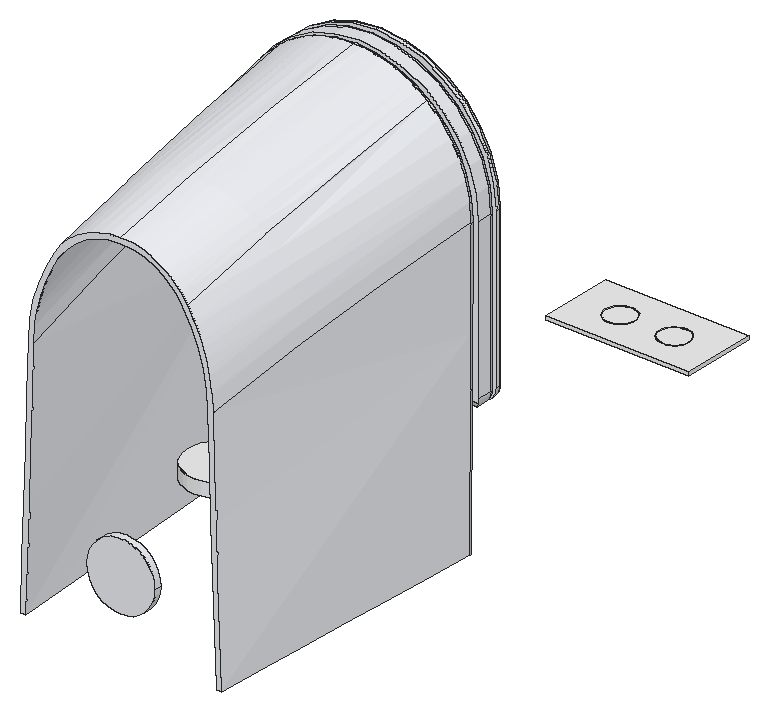
Revit family "Caroma Liano EH CF Invisi Suite", category Plumbing Fixtures, host Face, Revit 2016
Family settings
  Host = Face
  Part Type = Normal
  Round Connector Dimension = Use Diameter
  OmniClass Number = 23.45.05.21.11.11
  OmniClass Title = Water Operated Water Closets
  Cut with Voids When Loaded = Yes
  Shared = No
  Room Calculation Point = No
Parameters (values of type "Liano")
  Waste Connection = yes
  WFU = 3
  WELSRating_ANZRS = "4"
  Material_ANZRS = Porcelain-White-Caroma
  Keynote = "WC"
  Hardware = Metal-Chrome-Caroma
  Vent Connection = no
  URL = "www.caroma.com.au"
  Type Comments = "Liano Easy Height Cleanflush Toilet Suite with Back Inlet Pan, Internal Overflow Cistern and Seat"  # constant formula
  Model = "766350W"
  Manufacturer = "Caroma"  # constant formula
  HW Connection = no
  Description = "Liano Easy Height Vitreous China Wall Faced Pan and Invisi II Smartflush Cistern"  # constant formula
  Default Elevation = 0 mm
  CreatedBy_ANZRS = "Design Content"  # constant formula
  CreatedByURL_ANZRS = "www.designcontent.com.au"
  CWFU = 2
  CW Connection = yes
  Assembly Code = "D2010110"
Reference planes
  plane 1 "Center (Elevation)": y = 0
  plane 2 "Back": z = 0
  plane 3 "Center (Left/Right)": x = 0
  plane 4 "Left": x = -177.5
  plane 5 "Right": x = 177.5
  plane 6 "Top": y = 512.5
  plane 7 "Bottom": y = -512.5
  plane 8: y = 402.5
  plane 9: x = -105
  plane 10: x = 105
  plane 11: y = 457.5
  plane 12: y = -327.5
  plane 13: z = -90
  plane 14 "Seat": y = -77.5
  plane 15: z = 100
  plane 16 "Front": z = 616.577
  plane 17: y = -118.5
  plane 18: z = 150
Forms (mm)
  Extrusion 1, solid, material "Metal-Chrome-Caroma" <- "Hardware", detail levels medium+fine
    sketch origin (0, 0, 0) x (1, 0, 0) y (0, 1, 0)
      loop
        line (-105, 512.5) -> (-105, 402.5) -> (105, 402.5) -> (105, 512.5) -> (-105, 512.5)
      loop
        circle (-40, 457.5) r 22.5
      loop
        circle (40, 457.5) r 22.5
    from 0 to 5
  Extrusion 2, solid, material "Metal-Chrome-Caroma" <- "Hardware", detail levels medium+fine
    sketch origin (0, 106.904, 0) x (1, 0, 0) y (0, 1, 0)
      loop
        circle (-40, 350.596) r 21
      loop
        circle (40, 350.596) r 21
    from 0 to 5
  Extrusion 3, void
    sketch origin (0, 24, 0) x (1, 0, 0) y (0, 1, 0)
      loop
        circle (0, -142.5) r 25
    from -90 to 0
  Extrusion 4, solid, material "Metal-Chrome-Caroma" <- "Hardware"
    sketch origin (0, 0, 0) x (1, 0, 0) y (0, 1, 0)
      loop
        circle (0, -327.5) r 50
    from 150 to 170
  Extrusion 5, solid, material "Metal-Chrome-Caroma" <- "Hardware"
    sketch origin (-285, 24, 0) x (1, 0, 0) y (0, 1, 0)
      loop
        circle (285, -142.5) r 20
    from 0 to 20
  Extrusion 6, solid, material "Porcelain-White-Caroma"
    sketch origin (0, -512.5, 0) x (-1, 0, 0) y (0, 0, -1)
      loop
        circle (0, -100) r 50
    from 0 to -10
  Extrusion 7, void
    sketch origin (0, -512.5, 0) x (-1, 0, 0) y (0, 0, -1)
      loop
        circle (0, -100) r 50
    from 0 to 200
  SweptBlend 8, solid, material "Porcelain-White-Caroma" <- "Material_ANZRS"
    path origin (0, 0, 0) x (0, 1, 0) y (0, 0, 1)
      loop
        arc (-82.146, 615.501) -> (-382.421, 574.644) -> (-678.955, 512.179) r 4187.755
    profile origin (0, -82.146, 615.501) x (0, 0.098884, -0.995099) y (1, 0, 0)
      loop
        line (643.26, -174.867) -> (643.26, -166.867) -> (174.51, -166.867)
        arc (174.51, -166.867) -> (101.607, -150.1) -> (43.356, -103.167) r 166.867
        arc (43.356, -103.167) -> (16.823, -54.587) -> (7.642, 0) r 166.867
        arc (7.642, 0) -> (16.823, 54.587) -> (43.356, 103.167) r 166.867
        arc (43.356, 103.167) -> (101.607, 150.1) -> (174.51, 166.867) r 166.867
        line (174.51, 166.867) -> (643.26, 166.867) -> (643.26, 174.867) -> (174.51, 174.867)
        arc (174.51, 174.867) -> (98.112, 157.296) -> (37.068, 108.113) r 174.867
        arc (37.068, 108.113) -> (9.263, 57.204) -> (-0.358, 0) r 174.867
        arc (-0.358, 0) -> (9.263, -57.204) -> (37.068, -108.113) r 174.867
        arc (37.068, -108.113) -> (98.112, -157.296) -> (174.51, -174.867) r 174.867
        line (174.51, -174.867) -> (643.26, -174.867)
    end profile origin (0, -678.955, 512.179) x (0, 0.241397, -0.970426) y (1, 0, 0)
      loop
        line (543.763, -147.349) -> (544.237, -139.364) -> (184.383, -117.999)
        arc (184.383, -117.999) -> (123.846, -108.428) -> (66.311, -87.31) r 314.825
        arc (66.311, -87.31) -> (26.324, -51.55) -> (11.479, 0) r 96.929
        arc (11.479, 0) -> (26.324, 51.55) -> (66.311, 87.31) r 96.929
        arc (66.311, 87.31) -> (123.846, 108.428) -> (184.383, 117.999) r 314.825
        line (184.383, 117.999) -> (544.237, 139.364) -> (543.763, 147.349) -> (183.909, 125.985)
        arc (183.909, 125.985) -> (121.834, 116.171) -> (62.837, 94.516) r 322.825
        arc (62.837, 94.516) -> (19.549, 55.805) -> (3.479, 0) r 104.929
        arc (3.479, 0) -> (19.549, -55.805) -> (62.837, -94.516) r 104.929
        arc (62.837, -94.516) -> (121.834, -116.171) -> (183.909, -125.985) r 322.825
        line (183.909, -125.985) -> (543.763, -147.349)
  Extrusion 9, void
    sketch origin (0, 0, 0) x (0, 1, 0) y (0, 0, 1)
      loop
        line (-512.5, 616.577) -> (-737.5, 616.577) -> (-737.5, -90) -> (102.5, -90) -> (102.5, 660) -> (-83.5, 660) -> (-83.5, 0) -> (-512.5, 0) -> (-512.5, 616.577)
    from -250 to 250
  Sweep 10, solid, material "Porcelain-White-Caroma" <- "Material_ANZRS"
    path origin (0, -77.5, 0) x (-1, 0, 0) y (0, 0, 1)
      loop
        arc (-173.255, 439.649) -> (-157.693, 513.735) -> (-112.318, 574.333) r 175.136
        arc (-112.318, 574.333) -> (-59.858, 605.064) -> (0, 615.712) r 172.718
        arc (0, 615.712) -> (59.858, 605.064) -> (112.318, 574.333) r 172.718
        arc (112.318, 574.333) -> (157.693, 513.735) -> (173.255, 439.649) r 175.136
    profile origin (0, -77.5, 615.712) x (-0.000867, 0, 1) y (0, 1, 0)
      loop
        arc (0.005, -6) -> (-1.752, -1.757) -> (-5.995, 0) r 6
        line (-5.995, 0) -> (-9.995, 0) -> (-9.995, -6) -> (0.005, -6)
  Sweep 11, solid, material "Porcelain-White-Caroma" <- "Material_ANZRS"
    path origin (0, -77.5, 0) x (-1, 0, 0) y (0, 0, 1)
      loop
        spline (-171.45, 0) -> (-171.488, 36.624) -> (-171.548, 73.256) -> (-171.631, 109.893) -> (-171.736, 146.533) -> (-171.863, 183.173) -> (-172.011, 219.812) -> (-172.178, 256.452) -> (-172.365, 293.092) -> (-172.57, 329.731) -> (-172.793, 366.371) -> (-173.033, 403.01) -> (-173.291, 439.649)
    profile origin (173.291, -77.5, 439.649) x (0.999974, 0, -0.007262) y (0, 1, 0)
      loop
        arc (0.005, -6) -> (-1.752, -1.757) -> (-5.995, 0) r 6
        line (-5.995, 0) -> (-9.995, 0) -> (-9.995, -6) -> (0.005, -6)
  Sweep 12, solid, material "Porcelain-White-Caroma" <- "Material_ANZRS"
    path origin (0, -77.5, 0) x (1, 0, 0) y (0, 0, 1)
      loop
        spline (-171.45, 0) -> (-171.488, 36.624) -> (-171.548, 73.256) -> (-171.631, 109.893) -> (-171.736, 146.533) -> (-171.863, 183.173) -> (-172.011, 219.812) -> (-172.178, 256.452) -> (-172.365, 293.092) -> (-172.57, 329.731) -> (-172.793, 366.371) -> (-173.033, 403.01) -> (-173.291, 439.649)
    profile origin (-173.291, -77.5, 439.649) x (0.999974, 0, 0.007262) y (0, 1, 0)
      loop
        line (-0.005, -6) -> (9.995, -6) -> (9.995, 0) -> (5.995, 0)
        arc (5.995, 0) -> (1.752, -1.757) -> (-0.005, -6) r 6
  Extrusion 13, solid, material "Porcelain-White-Caroma" <- "Material_ANZRS"
    sketch origin (0, -77.5, 0) x (-1, 0, 0) y (0, 0, 1)
      loop
        spline (-163.26, 439.757) -> (-163.006, 403.111) -> (-162.768, 366.464) -> (-162.548, 329.818) -> (-162.346, 293.171) -> (-162.162, 256.523) -> (-161.998, 219.873) -> (-161.854, 183.223) -> (-161.73, 146.573) -> (-161.628, 109.925) -> (-161.548, 73.28) -> (-161.49, 36.64) -> (-161.456, 0.007)
        line (-161.456, 0.007) -> (161.456, 0.007)
        spline (161.456, 0.007) -> (161.49, 36.64) -> (161.548, 73.28) -> (161.628, 109.925) -> (161.73, 146.573) -> (161.854, 183.223) -> (161.998, 219.873) -> (162.162, 256.523) -> (162.346, 293.171) -> (162.548, 329.818) -> (162.768, 366.464) -> (163.006, 403.111) -> (163.26, 439.757)
        arc (163.26, 439.757) -> (148.59, 509.608) -> (105.814, 566.744) r 165.141
        arc (105.814, 566.744) -> (56.391, 595.69) -> (0, 605.718) r 162.723
        arc (0, 605.718) -> (-56.391, 595.689) -> (-105.814, 566.744) r 162.723
        arc (-105.814, 566.744) -> (-148.59, 509.608) -> (-163.26, 439.757) r 165.141
    from -8 to 0
  Sweep 14, solid, material "Porcelain-White-Caroma" <- "Material_ANZRS"
    path origin (0, -77.5, 0) x (-1, 0, 0) y (0, 0, 1)
      loop
        line (177.5, 204.06) -> (177.5, 438.525)
        arc (177.5, 438.525) -> (0, 616.025) -> (-177.5, 438.525) r 177.5
        line (-177.5, 438.525) -> (-177.5, 204.06)
        arc (-177.5, 204.06) -> (-171.642, 189.918) -> (-157.5, 184.06) r 20
        line (-157.5, 184.06) -> (157.5, 184.06)
        arc (157.5, 184.06) -> (171.642, 189.918) -> (177.5, 204.06) r 20
    profile origin (0, -77.5, 616.025) x (0, 0, 1) y (0, 1, 0)
      loop
        line (0, 3.162) -> (-0.583, 25.43)
        arc (-0.583, 25.43) -> (-2.092, 28.88) -> (-5.581, 30.299) r 5
        line (-5.581, 30.299) -> (-15, 30.299) -> (-15, 3.162) -> (0, 3.162)
  Sweep 15, solid, material "Porcelain-White-Caroma" <- "Material_ANZRS"
    path origin (0, -77.5, 0) x (-1, 0, 0) y (0, 0, 1)
      loop
        line (177, 204.06) -> (177, 438.314)
        arc (177, 438.314) -> (0, 615.314) -> (-177, 438.314) r 177
        line (-177, 438.314) -> (-177, 204.06)
        arc (-177, 204.06) -> (-171.142, 189.918) -> (-157, 184.06) r 20
        line (-157, 184.06) -> (157, 184.06)
        arc (157, 184.06) -> (171.142, 189.918) -> (177, 204.06) r 20
    profile origin (0, -77.5, 615.314) x (0, 0, 1) y (0, 1, 0)
      loop
        line (0, 35.812) -> (-0.302, 41.574)
        arc (-0.302, 41.574) -> (-1.853, 44.939) -> (-5.295, 46.312) r 5
        line (-5.295, 46.312) -> (-15, 46.312) -> (-15, 35.812) -> (0, 35.812)
  Extrusion 16, solid, material "Porcelain-White-Caroma" <- "Material_ANZRS"
    sketch origin (0, -77.5, 0) x (-1, 0, 0) y (0, 0, 1)
      loop
        line (-162, 438.314) -> (-162, 204.06)
        arc (-162, 204.06) -> (-160.536, 200.524) -> (-157, 199.06) r 5
        line (-157, 199.06) -> (157, 199.06)
        arc (157, 199.06) -> (160.536, 200.524) -> (162, 204.06) r 5
        line (162, 204.06) -> (162, 438.314)
        arc (162, 438.314) -> (0, 600.314) -> (-162, 438.314) r 162
    from 35.812 to 46.312
  Extrusion 17, solid, material "Porcelain-White-Caroma" <- "Material_ANZRS"
    sketch origin (0, 0, 0) x (0, 1, 0) y (0, 0, 1)
      loop
        circle (-54.164, 189.32) r 14.5
      loop
        circle (-54.164, 189.32) r 7.5
    from -119.55 to -105
  Extrusion 18, solid, material "Porcelain-White-Caroma" <- "Material_ANZRS"
    sketch origin (0, 0, 0) x (0, 1, 0) y (0, 0, 1)
      loop
        circle (-54.164, 189.32) r 14.5
      loop
        circle (-54.164, 189.32) r 7.5
    from -134.98 to -119.895
  Revolve 19, solid, material "Porcelain-White-Caroma" <- "Material_ANZRS"
    sketch origin (0, -54.164, 0) x (-1, 0, 0) y (0, 0, 1)
      loop
        arc (134.98, 174.82) -> (142.021, 177.737) -> (144.938, 184.779) r 9.959
        line (144.938, 184.779) -> (144.938, 189.32) -> (134.98, 189.32) -> (134.98, 174.82)
      axis (134.98, 189.32) -> (144.938, 189.32)
    angle from 0 to 360
  Extrusion 20, solid, material "Porcelain-White-Caroma" <- "Material_ANZRS"
    sketch origin (0, 0, 0) x (0, 1, 0) y (0, 0, -1)
      loop
        circle (-54.164, -189.32) r 14.5
      loop
        circle (-54.164, -189.32) r 7.5
    from -119.55 to -105
  Extrusion 21, solid, material "Porcelain-White-Caroma" <- "Material_ANZRS"
    sketch origin (0, 0, 0) x (0, 1, 0) y (0, 0, -1)
      loop
        circle (-54.164, -189.32) r 14.5
      loop
        circle (-54.164, -189.32) r 7.5
    from -134.98 to -119.895
  Revolve 22, solid, material "Porcelain-White-Caroma" <- "Material_ANZRS"
    sketch origin (0, -54.164, 0) x (1, 0, 0) y (0, 0, -1)
      loop
        line (134.98, -174.82) -> (134.98, -189.32) -> (144.938, -189.32) -> (144.938, -184.779)
        arc (144.938, -184.779) -> (142.021, -177.737) -> (134.98, -174.82) r 9.959
      axis (134.98, -189.32) -> (144.938, -189.32)
    angle from 0 to 360
  Extrusion 23, void
    sketch origin (0, 0, 0) x (0, 1, 0) y (0, 0, 1)
      loop
        arc (-55.707, 183.925) -> (-69.55, 189.659) -> (-75.284, 203.501) r 19.577
        line (-75.284, 203.501) -> (-77.5, 203.501) -> (-77.5, 177.458) -> (-30.707, 177.458) -> (-30.707, 183.925) -> (-55.707, 183.925)
    from -250 to 250
Cuts and joins
  Extrusion 9 cuts SweptBlend 8
  joined: Sweep 15, Extrusion 16
  Extrusion 23 cuts Sweep 14
  joined: Sweep 14, Extrusion 17, Extrusion 18, Revolve 19, Extrusion 20, Extrusion 21, Revolve 22
Lines and regions (mm)
  Masking region 1
    outline origin (0, 0, 0) x (0, 1, 0) y (0, 0, 1)
      loop
        line (512.5, 5) -> (402.5, 5) -> (402.5, 0) -> (512.5, 0) -> (512.5, 5)
      loop
        line (-512.5, 0.007) -> (-77.5, 0.007) -> (-77.5, 265.636) -> (-74.831, 264.92) -> (-74.831, 202.632)
        arc (-74.831, 202.632) -> (-74.708, 200.248) -> (-73.925, 197.993) r 8.477
        arc (-73.925, 197.993) -> (-72.115, 194.792) -> (-70.06, 191.744) r 46.766
        arc (-70.06, 191.744) -> (-68.992, 189.727) -> (-68.547, 187.488) r 7.867
        arc (-68.547, 187.488) -> (-67.145, 182.414) -> (-63.721, 178.416) r 12.099
        arc (-63.721, 178.416) -> (-53.867, 175.247) -> (-44.156, 178.828) r 15.871
        arc (-44.156, 178.828) -> (-42.809, 180.185) -> (-41.772, 181.791) r 9.212
        arc (-41.772, 181.791) -> (-40.305, 183.424) -> (-38.217, 184.103) r 4.235
        line (-38.217, 184.103) -> (-34.028, 184.323)
        arc (-34.028, 184.323) -> (-32.02, 185.062) -> (-31.176, 187.028) r 2.709
        line (-31.176, 187.028) -> (-31.176, 453.537) -> (-31.372, 514.847) -> (-34.051, 612.669)
        arc (-34.051, 612.669) -> (-34.779, 614.308) -> (-36.417, 615.038) r 2.5
        line (-36.417, 615.038) -> (-41.688, 615.314) -> (-41.688, 484.125) -> (-47.194, 481.978) -> (-47.194, 610.093)
        arc (-47.194, 610.093) -> (-48.487, 613.805) -> (-52.062, 615.442) r 5.011
        line (-52.062, 615.442) -> (-74.338, 616.025) -> (-74.338, 601.026) -> (-77.5, 601.026) -> (-77.5, 610.514)
        arc (-77.5, 610.514) -> (-79.369, 614.418) -> (-83.5, 615.712) r 5.425
        arc (-83.5, 615.712) -> (-298.743, 587.705) -> (-512.5, 550) r 4802.796
        line (-512.5, 550) -> (-512.5, 0.007)
      loop
        line (-41.688, 205.224) -> (-41.688, 464.315) -> (-47.201, 466.886) -> (-47.201, 210.582)
        arc (-47.201, 210.582) -> (-46.929, 206.487) -> (-46.117, 202.463) r 30.954
        line (-46.117, 202.463) -> (-41.688, 205.224)
  Masking region 2
    outline origin (0, 0, 0) x (1, 0, 0) y (0, 1, 0)
      loop
        line (-105, 512.5) -> (-105, 402.5) -> (105, 402.5) -> (105, 512.5) -> (-105, 512.5)
  Masking region 3
    outline origin (0, -77.5, 0) x (-1, 0, 0) y (0, 0, 1)
      loop
        line (-174.959, 0) -> (174.959, 0) -> (174.959, 194.218)
        arc (174.959, 194.218) -> (177.006, 199.083) -> (177.704, 204.314) r 19.937
        line (177.704, 204.314) -> (177.704, 438.556)
        arc (177.704, 438.556) -> (0, 616.26) -> (-177.704, 438.556) r 177.704
        line (-177.704, 438.556) -> (-177.704, 204.314)
        arc (-177.704, 204.314) -> (-177.006, 199.083) -> (-174.959, 194.218) r 19.937
        line (-174.959, 194.218) -> (-174.959, 0)
  Masking region 4
    outline origin (0, 0, 0) x (1, 0, 0) y (0, 1, 0)
      loop
        line (-147, -512.5) -> (147, -512.5) -> (161.012, -297.5)
        arc (161.012, -297.5) -> (169.245, -190.576) -> (175.184, -83.5) r 5002.758
        arc (175.184, -83.5) -> (173.541, -79.215) -> (169.284, -77.5) r 5.746
        line (169.284, -77.5) -> (151.611, -77.5) -> (151.611, -74.338) -> (177.754, -74.338) -> (177.128, -52.047)
        arc (177.128, -52.047) -> (175.574, -48.564) -> (172.015, -47.191) r 4.998
        line (172.015, -47.191) -> (122.44, -47.191) -> (125.158, -41.688) -> (177, -41.688) -> (176.724, -36.415)
        arc (176.724, -36.415) -> (175.994, -34.777) -> (174.356, -34.049) r 2.5
        arc (174.356, -34.049) -> (0, -31.168) -> (-174.356, -34.049) r 5276.973
        arc (-174.356, -34.049) -> (-175.994, -34.777) -> (-176.724, -36.415) r 2.5
        line (-176.724, -36.415) -> (-177, -41.688) -> (-125.158, -41.688) -> (-122.44, -47.191) -> (-172.015, -47.191)
        arc (-172.015, -47.191) -> (-175.574, -48.564) -> (-177.128, -52.047) r 4.998
        line (-177.128, -52.047) -> (-177.754, -74.338) -> (-151.611, -74.338) -> (-151.611, -77.5) -> (-169.284, -77.5)
        arc (-169.284, -77.5) -> (-173.541, -79.215) -> (-175.184, -83.5) r 5.746
        arc (-175.184, -83.5) -> (-169.245, -190.576) -> (-161.012, -297.5) r 5002.758
        line (-161.012, -297.5) -> (-147, -512.5)
      loop
        line (-107.676, -47.201) -> (0, -47.201) -> (107.676, -47.201) -> (105.527, -41.688) -> (0, -41.688) -> (-105.527, -41.688) -> (-107.676, -47.201)
  symbolic lines
    curve 1: line (103.263, 0, 328.457) -> (103.263, 0, 443.208)
    curve 2: line (-103.259, 0, 328.204) -> (-103.263, 0, 443.204)
    curve 3: arc (103.263, 0, 443.208) -> (-0.002, 0, 546.471) -> (-103.263, 0, 443.204) r 103.263
    curve 4: spline (103.263, 0, 328.457) -> (99.752, 0, 310.36) -> (89.46, 0, 293.494) -> (73.084, 0, 279.004) -> (51.74, 0, 267.878) -> (26.878, 0, 260.87) -> (0.188, 0, 258.457) -> (-26.514, 0, 260.804) -> (-51.413, 0, 267.751) -> (-72.817, 0, 278.826) -> (-89.269, 0, 293.275) -> (-99.652, 0, 310.116) -> (-103.259, 0, 328.204)
    curve 5: arc (-19, 457.5, 0) -> (-40, 478.5, 0) -> (-61, 457.5, 0) r 21
    curve 6: arc (-61, 457.5, 0) -> (-40, 436.5, 0) -> (-19, 457.5, 0) r 21
    curve 7: arc (-17.5, 457.5, 0) -> (-40, 435, 0) -> (-62.5, 457.5, 0) r 22.5
    curve 8: arc (-62.5, 457.5, 0) -> (-40, 480, 0) -> (-17.5, 457.5, 0) r 22.5
    curve 9: arc (61, 457.5, 0) -> (40, 478.5, 0) -> (19, 457.5, 0) r 21
    curve 10: arc (19, 457.5, 0) -> (40, 436.5, 0) -> (61, 457.5, 0) r 21
    curve 11: arc (62.5, 457.5, 0) -> (40, 435, 0) -> (17.5, 457.5, 0) r 22.5
    curve 12: arc (17.5, 457.5, 0) -> (40, 480, 0) -> (62.5, 457.5, 0) r 22.5
    curve 13: line (0, -77.5, 601.026) -> (0, -77.5, 265.636)
    curve 14: line (0, -74.338, 601.025) -> (0, -74.338, 264.788)
    curve 15: line (0, -47.201, 466.886) -> (0, -47.201, 481.886)
    curve 16: line (0, -41.688, 484.125) -> (0, -41.688, 464.315)
    curve 17: line (0, -41.688, 205.224) -> (0, -41.688, 181.948)
    curve 18: line (157.768, -77.5, 184.378) -> (-157.768, -77.5, 184.378)
    curve 19: arc (-157.768, -77.5, 184.378) -> (-171.865, -77.5, 190.217) -> (-177.704, -77.5, 204.314) r 19.937
    curve 20: line (105, -77.5, 184.378) -> (105, -77.5, 174.82)
    curve 21: line (105, -77.5, 174.82) -> (135.027, -77.5, 174.82)
    curve 22: arc (135.027, -77.5, 174.82) -> (141.914, -77.5, 177.598) -> (144.947, -77.5, 184.378) r 9.926
    curve 23: arc (157.768, -77.5, 184.378) -> (171.865, -77.5, 190.217) -> (177.704, -77.5, 204.314) r 19.937
    curve 24: line (-105, -77.5, 184.378) -> (-105, -77.5, 174.82)
    curve 25: line (-105, -77.5, 174.82) -> (-135.027, -77.5, 174.82)
    curve 26: arc (-135.027, -77.5, 174.82) -> (-141.914, -77.5, 177.598) -> (-144.947, -77.5, 184.378) r 9.926
    curve 27: arc (-161.012, -297.5, 0) -> (-143.752, -405.257, 0) -> (-123.543, -512.5, 0) r 3978.746
    curve 28: arc (161.012, -297.5, 0) -> (143.752, -405.257, 0) -> (123.543, -512.5, 0) r 3978.746
    curve 29: line (-151.611, -74.338, 0) -> (151.611, -74.338, 0)
    curve 30: line (151.611, -77.5, 0) -> (-151.611, -77.5, 0)
    curve 31: line (-122.44, -47.191, 0) -> (122.44, -47.191, 0)
    curve 32: line (125.158, -41.688, 0) -> (-125.158, -41.688, 0)
Dimensions and locks
  equal spacing: plane 4 "Left", plane 3 "Center (Left/Right)", plane 5 "Right"
  plane 4 "Left" to plane 5 "Right" = 355 mm
  equal spacing: plane 7 "Bottom", plane 1 "Center (Elevation)", plane 6 "Top"
  plane 7 "Bottom" to plane 6 "Top" = 1025 mm
  plane 12 to plane 7 "Bottom" = 185 mm
  level to plane 13 = 90 mm
  plane 7 "Bottom" to plane 17 = 394 mm
  radius of Extrusion 6 sketch curve = 50 mm
  radius of Extrusion 7 sketch curve = 50 mm
  aligned and locked: plane 2 "Back" to host face
  aligned and locked: level to host face
  aligned and locked: Extrusion 1 sketch curve to plane 6 "Top"
  aligned and locked: plane 9 to Extrusion 1 sketch curve
  aligned and locked: plane 8 to Extrusion 1 sketch curve
  aligned and locked: plane 10 to Extrusion 1 sketch curve
  aligned and locked: Extrusion 3 to plane 13
  aligned and locked: level to Extrusion 3
  aligned and locked: plane 12 to Extrusion 4 sketch curve
  aligned and locked: plane 3 "Center (Left/Right)" to Extrusion 4 sketch curve
  aligned and locked: plane 3 "Center (Left/Right)" to Extrusion 5 sketch curve
  aligned and locked: Extrusion 5 to level
  aligned and locked: plane 15 to Extrusion 6 sketch curve
  aligned and locked: plane 3 "Center (Left/Right)" to Extrusion 6 sketch curve
Automatic sketch dimensions
  plane 9 to curve 3 = 1.737 mm
  plane 9 to curve 2 = 1.741 mm
  plane 3 "Center (Left/Right)" to curve 3 = 0 mm
  plane 3 "Center (Left/Right)" to curve 4 = 0.002 mm
  curve 2 to curve 4 = 0.253 mm
  curve 2 to curve 2 = 115 mm
  curve 1 to curve 1 = 114.751 mm
  host sketch curve to host sketch curve = 2438.4 mm  (x2)
  Extrusion 1 sketch curve to plane 11 = 0 mm  (x2)
  Extrusion 1 sketch curve to plane 3 "Center (Left/Right)" = 40 mm
  plane 3 "Center (Left/Right)" to Extrusion 1 sketch curve = 40 mm
  Extrusion 2 sketch curve to plane 11 = 0 mm  (x2)
  Extrusion 2 sketch curve to plane 3 "Center (Left/Right)" = 40 mm
  plane 3 "Center (Left/Right)" to Extrusion 2 sketch curve = 40 mm
  Extrusion 3 sketch curve to plane 3 "Center (Left/Right)" = 0 mm
  Masking region 2 sketch curve to plane 8 = 0 mm
  Masking region 2 sketch curve to plane 9 = 0 mm
  Masking region 2 sketch curve to plane 10 = 0 mm
  Masking region 2 sketch curve to plane 6 "Top" = 0 mm
  Extrusion 7 sketch curve to plane 3 "Center (Left/Right)" = 0 mm
  Extrusion 7 sketch curve to plane 15 = 0 mm
  Sweep 10 sketch curve to plane 5 "Right" = 4.245 mm
  Sweep 10 sketch curve to plane 10 = 7.318 mm
  plane 3 "Center (Left/Right)" to Sweep 10 sketch curve = 1.871 mm
  plane 3 "Center (Left/Right)" to Sweep 10 sketch curve = 0.15 mm
  plane 3 "Center (Left/Right)" to Sweep 10 sketch curve = 0 mm
  Sweep 10 sketch curve to plane 3 "Center (Left/Right)" = 0.15 mm
  Sweep 10 sketch curve to plane 3 "Center (Left/Right)" = 1.871 mm
  Sweep 10 sketch curve to plane 9 = 7.318 mm
  Sweep 10 sketch curve to plane 4 "Left" = 4.245 mm
  plane 16 "Front" to Sweep 10 sketch curve = 176.928 mm  (x2)
  Sweep 10 sketch curve to Sweep 10 sketch curve = 1.892 mm
  Sweep 10 sketch curve to Sweep 10 sketch curve = 0 mm
  Sweep 10 sketch curve to Sweep 10 sketch curve = 1.453 mm
  Sweep 10 sketch curve to plane 14 "Seat" = 0 mm
  profile plane to Sweep 10 sketch curve = 9.995 mm
  Sweep 10 sketch curve to Sweep 10 sketch curve = 4 mm
  Sweep 10 sketch curve to profile plane = 0.005 mm
  Sweep 14 sketch curve to plane 5 "Right" = 0 mm
  Sweep 14 sketch curve to plane 3 "Center (Left/Right)" = 0 mm
  Sweep 14 sketch curve to plane 5 "Right" = 20 mm
  Sweep 14 sketch curve to plane 4 "Left" = 20 mm
  plane 16 "Front" to Sweep 14 sketch curve = 178.052 mm
  profile plane to Sweep 14 sketch curve = 0 mm
  profile plane to Sweep 14 sketch curve = 0.583 mm
  Sweep 14 sketch curve to Sweep 14 sketch curve = 4.998 mm
  Sweep 14 sketch curve to Sweep 14 sketch curve = 9.419 mm
  plane 14 "Seat" to Sweep 14 sketch curve = 3.162 mm
  Sweep 14 sketch curve to Sweep 14 sketch curve = 22.136 mm
  Sweep 14 sketch curve to Sweep 14 sketch curve = 0.131 mm
  Sweep 15 sketch curve to plane 3 "Center (Left/Right)" = 0 mm
  Sweep 15 sketch curve to plane 5 "Right" = 20.5 mm
  Sweep 15 sketch curve to plane 5 "Right" = 0.5 mm
  Sweep 15 sketch curve to plane 4 "Left" = 20.5 mm
  plane 16 "Front" to Sweep 15 sketch curve = 178.263 mm
  profile plane to Sweep 15 sketch curve = 0 mm
  profile plane to Sweep 15 sketch curve = 0.302 mm
  Sweep 15 sketch curve to Sweep 15 sketch curve = 4.993 mm
  Sweep 15 sketch curve to Sweep 15 sketch curve = 9.705 mm
  plane 14 "Seat" to Sweep 15 sketch curve = 35.812 mm
  Sweep 15 sketch curve to Sweep 15 sketch curve = 5.5 mm
  Sweep 15 sketch curve to Sweep 15 sketch curve = 0.262 mm
  Extrusion 16 sketch curve to plane 3 "Center (Left/Right)" = 0 mm
  Extrusion 16 sketch curve to plane 5 "Right" = 20.5 mm
  Extrusion 16 sketch curve to plane 5 "Right" = 15.5 mm
  Extrusion 16 sketch curve to Extrusion 16 sketch curve = 5 mm
  plane 16 "Front" to Extrusion 16 sketch curve = 178.263 mm
  Extrusion 17 sketch curve to Extrusion 17 sketch curve = 0 mm  (x3)
  plane 14 "Seat" to Extrusion 17 sketch curve = 23.336 mm
  Extrusion 18 sketch curve to Extrusion 18 sketch curve = 0 mm  (x3)
  plane 14 "Seat" to Extrusion 18 sketch curve = 23.336 mm
  Revolve 19 sketch curve to plane 9 = 29.98 mm
  Revolve 19 sketch curve to Revolve 19 sketch curve = 0 mm  (x3)
  Revolve 19 sketch curve to Revolve 19 sketch curve = 9.959 mm
  Revolve 19 sketch curve to Revolve 19 sketch curve = 4.541 mm
  Extrusion 20 sketch curve to Extrusion 20 sketch curve = 0 mm  (x3)
  plane 14 "Seat" to Extrusion 20 sketch curve = 23.336 mm
  Extrusion 21 sketch curve to Extrusion 21 sketch curve = 0 mm  (x3)
  plane 14 "Seat" to Extrusion 21 sketch curve = 23.336 mm
  Revolve 22 sketch curve to plane 10 = 29.98 mm
  Revolve 22 sketch curve to Revolve 22 sketch curve = 0 mm  (x3)
  Revolve 22 sketch curve to Revolve 22 sketch curve = 9.959 mm
  Revolve 22 sketch curve to Revolve 22 sketch curve = 4.541 mm
  Extrusion 23 sketch curve to plane 14 "Seat" = 0 mm
  plane 14 "Seat" to Extrusion 23 sketch curve = 2.216 mm
  Extrusion 23 sketch curve to Extrusion 23 sketch curve = 19.577 mm
  Extrusion 23 sketch curve to Extrusion 23 sketch curve = 25 mm
  Extrusion 23 sketch curve to Extrusion 23 sketch curve = 6.466 mm
  curve 13 to plane 14 "Seat" = 0 mm
  plane 14 "Seat" to curve 14 = 3.162 mm
  plane 14 "Seat" to curve 15 = 30.299 mm
  curve 15 to curve 16 = 5.513 mm
  plane 14 "Seat" to curve 17 = 35.812 mm
  curve 17 to curve 17 = 23.276 mm
  curve 17 to curve 14 = 59.565 mm
  curve 14 to curve 13 = 0.847 mm
  plane 16 "Front" to curve 16 = 152.263 mm
  curve 16 to curve 15 = 2.571 mm
  curve 15 to curve 15 = 15 mm
  curve 15 to curve 16 = 2.239 mm
  plane 16 "Front" to curve 14 = 15.552 mm
  curve 14 to curve 13 = 0.001 mm
  plane 10 to curve 21 = 0 mm
  curve 25 to plane 9 = 0 mm
  curve 22 to plane 10 = 30.027 mm
  curve 22 to curve 22 = 9.92 mm
  curve 18 to curve 22 = 12.821 mm
  plane 5 "Right" to curve 23 = 0.204 mm
  curve 26 to plane 9 = 30.027 mm
  curve 26 to curve 26 = 9.92 mm
  curve 26 to curve 19 = 12.821 mm
  plane 4 "Left" to curve 19 = 0.204 mm
  curve 25 to curve 19 = 9.557 mm
  Masking region 4 sketch curve to plane 14 "Seat" = 0 mm  (x2)
  Masking region 4 sketch curve to plane 3 "Center (Left/Right)" = 0 mm  (x3)
  plane 7 "Bottom" to Masking region 4 sketch curve = 0 mm
  Masking region 4 sketch curve to plane 9 = 0.527 mm
  Masking region 4 sketch curve to plane 9 = 2.676 mm
  Masking region 4 sketch curve to Masking region 4 sketch curve = 14.765 mm  (x2)
  Masking region 4 sketch curve to Masking region 4 sketch curve = 2.718 mm  (x2)
  Masking region 4 sketch curve to plane 4 "Left" = 30.5 mm
  plane 14 "Seat" to Masking region 4 sketch curve = 3.162 mm  (x2)
  Masking region 4 sketch curve to plane 4 "Left" = 25.889 mm
  Masking region 4 sketch curve to plane 4 "Left" = 16.488 mm
  Masking region 4 sketch curve to plane 4 "Left" = 8.216 mm
  Masking region 4 sketch curve to Masking region 4 sketch curve = 0.159 mm  (x2)
  Masking region 4 sketch curve to plane 4 "Left" = 5.485 mm
  Masking region 4 sketch curve to Masking region 4 sketch curve = 0.117 mm  (x2)
  Masking region 4 sketch curve to plane 4 "Left" = 3.273 mm
  Masking region 4 sketch curve to Masking region 4 sketch curve = 0.129 mm  (x2)
  Masking region 4 sketch curve to plane 4 "Left" = 2.316 mm
  Masking region 4 sketch curve to Masking region 4 sketch curve = 0 mm  (x2)
  Masking region 4 sketch curve to plane 4 "Left" = 0.776 mm
  Masking region 4 sketch curve to plane 4 "Left" = 0.5 mm
  Masking region 4 sketch curve to plane 4 "Left" = 0.372 mm
  plane 4 "Left" to Masking region 4 sketch curve = 0.254 mm
  Masking region 4 sketch curve to plane 1 "Center (Elevation)" = 139.992 mm  (x2)
  plane 4 "Left" to Masking region 4 sketch curve = 4645.079 mm
  Masking region 4 sketch curve to plane 10 = 0.527 mm
  Masking region 4 sketch curve to plane 10 = 2.676 mm
  Masking region 4 sketch curve to plane 5 "Right" = 30.5 mm
  Masking region 4 sketch curve to plane 5 "Right" = 25.889 mm
  Masking region 4 sketch curve to plane 5 "Right" = 16.488 mm
  Masking region 4 sketch curve to plane 5 "Right" = 8.216 mm
  Masking region 4 sketch curve to plane 5 "Right" = 5.485 mm
  Masking region 4 sketch curve to plane 5 "Right" = 3.273 mm
  Masking region 4 sketch curve to plane 5 "Right" = 2.316 mm
  Masking region 4 sketch curve to plane 5 "Right" = 0.776 mm
  Masking region 4 sketch curve to plane 5 "Right" = 0.5 mm
  Masking region 4 sketch curve to plane 5 "Right" = 0.372 mm
  plane 5 "Right" to Masking region 4 sketch curve = 0.254 mm
  plane 5 "Right" to Masking region 4 sketch curve = 4645.079 mm
  plane 7 "Bottom" to Masking region 4 sketch curve = 4795.641 mm
  Masking region 4 sketch curve to Masking region 4 sketch curve = 22.15 mm  (x2)
  Masking region 4 sketch curve to Masking region 4 sketch curve = 0.14 mm  (x2)
  Masking region 4 sketch curve to Masking region 4 sketch curve = 0.01 mm
  Masking region 4 sketch curve to Masking region 4 sketch curve = 5.513 mm
  Masking region 4 sketch curve to Masking region 4 sketch curve = 5.504 mm  (x2)
  Masking region 4 sketch curve to Masking region 4 sketch curve = 5.142 mm  (x2)
  Masking region 4 sketch curve to Masking region 4 sketch curve = 0.131 mm
  Masking region 1 sketch curve to plane 7 "Bottom" = 0 mm
  Masking region 1 sketch curve to plane 14 "Seat" = 0 mm  (x2)
  Masking region 1 sketch curve to plane 8 = 0 mm
  Masking region 1 sketch curve to level = 0 mm
  Masking region 1 sketch curve to plane 6 "Top" = 0 mm
  plane 16 "Front" to Masking region 1 sketch curve = 0.865 mm
  Masking region 1 sketch curve to plane 14 "Seat" = 6 mm
  Masking region 1 sketch curve to Masking region 1 sketch curve = 0 mm  (x7)
  Masking region 1 sketch curve to Masking region 1 sketch curve = 5.422 mm
  plane 14 "Seat" to Masking region 1 sketch curve = 1.095 mm
  plane 14 "Seat" to Masking region 1 sketch curve = 2.669 mm
  plane 14 "Seat" to Masking region 1 sketch curve = 3.162 mm
  plane 14 "Seat" to Masking region 1 sketch curve = 3.575 mm
  Masking region 1 sketch curve to Masking region 1 sketch curve = 3.865 mm
  Masking region 1 sketch curve to Masking region 1 sketch curve = 1.512 mm
  Masking region 1 sketch curve to Masking region 1 sketch curve = 8.443 mm
  Masking region 1 sketch curve to Masking region 1 sketch curve = 4.826 mm
  Masking region 1 sketch curve to Masking region 1 sketch curve = 12.083 mm
  Masking region 1 sketch curve to Masking region 1 sketch curve = 2.263 mm
  plane 16 "Front" to Masking region 1 sketch curve = 6.145 mm
  Masking region 1 sketch curve to Masking region 1 sketch curve = 22.144 mm
  plane 16 "Front" to Masking region 1 sketch curve = 1.135 mm
  Masking region 1 sketch curve to Masking region 1 sketch curve = 0.131 mm  (x2)
  Masking region 1 sketch curve to Masking region 1 sketch curve = 4.215 mm
  plane 14 "Seat" to Masking region 1 sketch curve = 30.299 mm
  Masking region 1 sketch curve to Masking region 1 sketch curve = 0.008 mm
  Masking region 1 sketch curve to Masking region 1 sketch curve = 1.084 mm
  Masking region 1 sketch curve to Masking region 1 sketch curve = 5.831 mm
  Masking region 1 sketch curve to Masking region 1 sketch curve = 2.384 mm
  Masking region 1 sketch curve to Masking region 1 sketch curve = 5.513 mm
  plane 16 "Front" to Masking region 1 sketch curve = 1.263 mm
  Masking region 1 sketch curve to Masking region 1 sketch curve = 5.506 mm
  Masking region 1 sketch curve to Masking region 1 sketch curve = 3.554 mm
  Masking region 1 sketch curve to Masking region 1 sketch curve = 0.222 mm
  Masking region 1 sketch curve to Masking region 1 sketch curve = 5.14 mm
  plane 16 "Front" to Masking region 1 sketch curve = 1.539 mm
  Masking region 1 sketch curve to Masking region 1 sketch curve = 2.497 mm  (x2)
  Masking region 1 sketch curve to Masking region 1 sketch curve = 4.19 mm
  Masking region 1 sketch curve to Masking region 1 sketch curve = 0.143 mm
  Masking region 1 sketch curve to Masking region 1 sketch curve = 9.345 mm
  plane 1 "Center (Elevation)" to Masking region 1 sketch curve = 31.372 mm
  Masking region 1 sketch curve to Masking region 1 sketch curve = 10.512 mm
  plane 1 "Center (Elevation)" to Masking region 1 sketch curve = 16.247 mm
  plane 8 to Masking region 1 sketch curve = 25.945 mm
  Masking region 1 sketch curve to plane 13 = 4069.721 mm
  level to Masking region 1 sketch curve = 0.007 mm
  Masking region 1 sketch curve to Masking region 1 sketch curve = 5 mm
  Masking region 1 sketch curve to Masking region 1 sketch curve = 0.412 mm
  Masking region 1 sketch curve to Masking region 1 sketch curve = 0.22 mm
  Masking region 1 sketch curve to Masking region 1 sketch curve = 11.348 mm
  Masking region 1 sketch curve to Masking region 1 sketch curve = 2.761 mm
  Masking region 1 sketch curve to Masking region 1 sketch curve = 54.338 mm
  Masking region 1 sketch curve to Masking region 1 sketch curve = 0.715 mm
  Masking region 1 sketch curve to Masking region 1 sketch curve = 156.556 mm
  Masking region 1 sketch curve to Masking region 1 sketch curve = 10.778 mm
  Masking region 1 sketch curve to Masking region 1 sketch curve = 2.571 mm
  Masking region 1 sketch curve to Masking region 1 sketch curve = 15.093 mm
  Masking region 1 sketch curve to Masking region 1 sketch curve = 2.146 mm
  Masking region 1 sketch curve to Masking region 1 sketch curve = 30.723 mm
  Masking region 1 sketch curve to Masking region 1 sketch curve = 9.488 mm
  plane 16 "Front" to Masking region 1 sketch curve = 0.552 mm
  plane 7 "Bottom" to SweptBlend 8 sketch curve = 166.455 mm
  plane 16 "Front" to SweptBlend 8 sketch curve = 1.076 mm
  SweptBlend 8 sketch curve to plane 14 "Seat" = 4.646 mm
  SweptBlend 8 sketch curve to plane 8 = 70.543 mm
  level to SweptBlend 8 sketch curve = 512.179 mm
  SweptBlend 8 sketch curve to SweptBlend 8 sketch curve = 0 mm  (x77)
  SweptBlend 8 sketch curve to plane 3 "Center (Left/Right)" = 0 mm  (x2)
  profile plane to SweptBlend 8 sketch curve = 0.358 mm
  SweptBlend 8 sketch curve to profile plane = 7.642 mm
  SweptBlend 8 sketch curve to profile plane = 37.068 mm  (x2)
  SweptBlend 8 sketch curve to SweptBlend 8 sketch curve = 6.288 mm  (x2)
  SweptBlend 8 sketch curve to SweptBlend 8 sketch curve = 131.154 mm
  SweptBlend 8 sketch curve to SweptBlend 8 sketch curve = 468.75 mm
  SweptBlend 8 sketch curve to profile plane = 3.479 mm
  SweptBlend 8 sketch curve to SweptBlend 8 sketch curve = 8 mm
  SweptBlend 8 sketch curve to profile plane = 62.837 mm  (x2)
  SweptBlend 8 sketch curve to plane 3 "Center (Left/Right)" = 94.516 mm
  SweptBlend 8 sketch curve to SweptBlend 8 sketch curve = 117.598 mm  (x2)
  SweptBlend 8 sketch curve to SweptBlend 8 sketch curve = 0.474 mm  (x3)
  SweptBlend 8 sketch curve to SweptBlend 8 sketch curve = 19.133 mm  (x2)
  plane 3 "Center (Left/Right)" to SweptBlend 8 sketch curve = 147.349 mm
  SweptBlend 8 sketch curve to SweptBlend 8 sketch curve = 340.721 mm
  SweptBlend 8 sketch curve to plane 3 "Center (Left/Right)" = 147.349 mm
  Extrusion 9 sketch curve to plane 13 = 0 mm
  plane 16 "Front" to Extrusion 9 sketch curve = 0 mm
  Extrusion 9 sketch curve to level = 0 mm
  Extrusion 9 sketch curve to plane 7 "Bottom" = 0 mm
  plane 7 "Bottom" to Extrusion 9 sketch curve = 225 mm
  Extrusion 9 sketch curve to plane 14 "Seat" = 6 mm
  Extrusion 9 sketch curve to plane 1 "Center (Elevation)" = 102.5 mm
  Extrusion 9 sketch curve to plane 16 "Front" = 43.423 mm
  Sweep 11 sketch curve to level = 0 mm
  Sweep 11 sketch curve to plane 5 "Right" = 4.209 mm
  Sweep 11 sketch curve to plane 5 "Right" = 6.05 mm
  plane 16 "Front" to Sweep 11 sketch curve = 176.928 mm
  Sweep 11 sketch curve to plane 14 "Seat" = 0 mm
  profile plane to Sweep 11 sketch curve = 9.995 mm
  Sweep 11 sketch curve to Sweep 11 sketch curve = 4 mm
  Sweep 11 sketch curve to profile plane = 0.005 mm
  Sweep 12 sketch curve to level = 0 mm
  plane 4 "Left" to Sweep 12 sketch curve = 4.209 mm
  plane 4 "Left" to Sweep 12 sketch curve = 6.05 mm
  Sweep 12 sketch curve to plane 16 "Front" = 176.928 mm
  Sweep 12 sketch curve to plane 14 "Seat" = 0 mm
  profile plane to Sweep 12 sketch curve = 0.005 mm
  Sweep 12 sketch curve to profile plane = 5.995 mm
  Sweep 12 sketch curve to Sweep 12 sketch curve = 4 mm
  Extrusion 13 sketch curve to plane 5 "Right" = 14.24 mm
  level to Extrusion 13 sketch curve = 0.007 mm
  Extrusion 13 sketch curve to plane 5 "Right" = 16.044 mm
  Extrusion 13 sketch curve to plane 10 = 0.814 mm
  plane 3 "Center (Left/Right)" to Extrusion 13 sketch curve = 1.871 mm
  plane 3 "Center (Left/Right)" to Extrusion 13 sketch curve = 0.15 mm
  plane 3 "Center (Left/Right)" to Extrusion 13 sketch curve = 0 mm
  Extrusion 13 sketch curve to plane 3 "Center (Left/Right)" = 0.15 mm
  Extrusion 13 sketch curve to plane 3 "Center (Left/Right)" = 1.871 mm
  Extrusion 13 sketch curve to plane 9 = 0.814 mm
  Extrusion 13 sketch curve to plane 4 "Left" = 16.044 mm
  Extrusion 13 sketch curve to plane 4 "Left" = 14.24 mm
  plane 16 "Front" to Extrusion 13 sketch curve = 176.82 mm  (x2)
  Extrusion 13 sketch curve to Extrusion 13 sketch curve = 1.784 mm
  Extrusion 13 sketch curve to Extrusion 13 sketch curve = 0 mm
  Extrusion 13 sketch curve to Extrusion 13 sketch curve = 1.453 mm
  Masking region 3 sketch curve to level = 0 mm
  Masking region 3 sketch curve to plane 3 "Center (Left/Right)" = 0 mm
  Masking region 3 sketch curve to plane 5 "Right" = 19.732 mm
  Masking region 3 sketch curve to plane 5 "Right" = 2.541 mm
  plane 5 "Right" to Masking region 3 sketch curve = 0.204 mm
  Masking region 3 sketch curve to plane 4 "Left" = 19.732 mm
  Masking region 3 sketch curve to plane 4 "Left" = 2.541 mm
  plane 16 "Front" to Masking region 3 sketch curve = 178.022 mm
  curve 5 to curve 6 = 0 mm  (x2)
  curve 5 to curve 7 = 0 mm  (x2)
  curve 5 to curve 8 = 0 mm  (x2)
  curve 6 to curve 7 = 0 mm  (x2)
  curve 6 to curve 8 = 0 mm  (x2)
  curve 7 to curve 8 = 0 mm  (x2)
  curve 9 to curve 10 = 0 mm  (x2)
  curve 9 to curve 11 = 0 mm  (x2)
  curve 9 to curve 12 = 0 mm  (x2)
  curve 10 to curve 11 = 0 mm  (x2)
  curve 10 to curve 12 = 0 mm  (x2)
  curve 11 to curve 12 = 0 mm  (x2)
  curve 30 to plane 14 "Seat" = 0 mm
  plane 7 "Bottom" to curve 27 = 0 mm
  curve 7 to plane 11 = 0 mm
  curve 12 to plane 11 = 0 mm
  plane 7 "Bottom" to curve 28 = 0 mm
  curve 28 to plane 8 = 124.658 mm
  plane 4 "Left" to curve 28 = 3598.416 mm
  curve 27 to plane 4 "Left" = 16.488 mm
  plane 14 "Seat" to curve 29 = 3.162 mm
  curve 29 to plane 4 "Left" = 25.889 mm
  curve 30 to curve 29 = 0 mm
  curve 32 to plane 9 = 20.158 mm
  curve 27 to plane 3 "Center (Left/Right)" = 123.543 mm
  curve 32 to curve 31 = 2.718 mm
  plane 9 to curve 7 = 42.5 mm
  curve 7 to curve 6 = 1.5 mm
  curve 5 to curve 6 = 21 mm
  plane 3 "Center (Left/Right)" to curve 12 = 17.5 mm
  curve 11 to curve 9 = 1.5 mm
  curve 9 to curve 11 = 21 mm
  curve 31 to plane 10 = 17.44 mm
  curve 28 to plane 10 = 18.543 mm
  curve 31 to curve 32 = 2.718 mm
  curve 30 to plane 5 "Right" = 25.889 mm
  curve 29 to curve 30 = 0 mm
  curve 28 to plane 5 "Right" = 16.488 mm
  curve 27 to plane 8 = 124.658 mm
  plane 5 "Right" to curve 27 = 3598.416 mm
  plane 14 "Seat" to curve 31 = 30.309 mm
  curve 31 to curve 32 = 5.504 mm
  Extrusion 3 sketch curve to plane 17 = 0 mm
  Extrusion 5 sketch curve to plane 17 = 0 mm
  plane 18 to curve 13 = 115.636 mm
  plane 18 to curve 2 = 178.204 mm
  plane 18 to Masking region 1 sketch curve = 28.416 mm
  plane 18 to Sweep 14 sketch curve = 54.06 mm
  plane 18 to Sweep 15 sketch curve = 54.06 mm
  plane 18 to Extrusion 16 sketch curve = 54.06 mm
  plane 18 to Extrusion 17 sketch curve = 39.32 mm
  plane 18 to Extrusion 18 sketch curve = 39.32 mm
  plane 18 to Revolve 19 sketch curve = 24.82 mm
  plane 18 to Extrusion 20 sketch curve = 39.32 mm
  plane 18 to Extrusion 21 sketch curve = 39.32 mm
  plane 18 to Revolve 22 sketch curve = 39.32 mm
  plane 18 to Extrusion 23 sketch curve = 27.458 mm
  plane 18 to Masking region 3 sketch curve = 44.218 mm  (x2)
  plane 18 to curve 20 = 24.82 mm
  plane 18 to curve 26 = 24.82 mm
  radius of Extrusion 1 sketch curve = 22.5 mm  (x2)
  radius of Extrusion 2 sketch curve = 21 mm  (x2)
  radius of Extrusion 3 sketch curve = 25 mm
  radius of Extrusion 4 sketch curve = 50 mm
  radius of Extrusion 5 sketch curve = 20 mm
  radius of Extrusion 17 sketch curve = 14.5 mm
  radius of Extrusion 17 sketch curve = 7.5 mm
  radius of Extrusion 18 sketch curve = 14.5 mm
  radius of Extrusion 18 sketch curve = 7.5 mm
  radius of Extrusion 20 sketch curve = 14.5 mm
  radius of Extrusion 20 sketch curve = 7.5 mm
  radius of Extrusion 21 sketch curve = 14.5 mm
  radius of Extrusion 21 sketch curve = 7.5 mm
Connectors
  piping at (0, -327.5, 150), diameter 100, driven by "WFU"
    settings: on Extrusion 4, index 1, connector inside diameter 3.93701", connector length 0 mm, flow factor 0, pipe flow 0 GPM, pressure drop 0.00 psi, fitting loss kfactor 0, connector angle 0.00°, fixture units 3, engagement length 0 mm, angle of deflection 0.00°, flow configuration 3, flow direction 2, fitting loss method 101, system type 16, joint type 0, gender type 0, connector reference index -1, connector utility 0, adjustable connector no, is connector primary yes, connector description "P Trap"
  piping at (0, -118.5, 0), diameter 40, driven by "CWFU"
    settings: on Extrusion 5, index 2, connector inside diameter 1.5748", connector length 0 mm, flow factor 0, pipe flow 0 GPM, pressure drop 0.00 psi, fitting loss kfactor 0, connector angle 0.00°, fixture units 2, engagement length 0 mm, angle of deflection 0.00°, flow configuration 3, flow direction 1, fitting loss method 101, system type 20, joint type 0, gender type 0, connector reference index -1, connector utility 0, adjustable connector no, is connector primary no, connector description "Inlet"
  piping at (0, -512.5, 100), diameter 100, driven by "WFU"
    settings: on Extrusion 6, index 3, connector inside diameter 3.93701", connector length 0 mm, flow factor 0, pipe flow 0 GPM, pressure drop 0.00 psi, fitting loss kfactor 0, connector angle 0.00°, fixture units 3, engagement length 0 mm, angle of deflection 0.00°, flow configuration 3, flow direction 2, fitting loss method 101, system type 16, joint type 0, gender type 0, connector reference index -1, connector utility 0, adjustable connector no, is connector primary no, connector description "S Trap"
